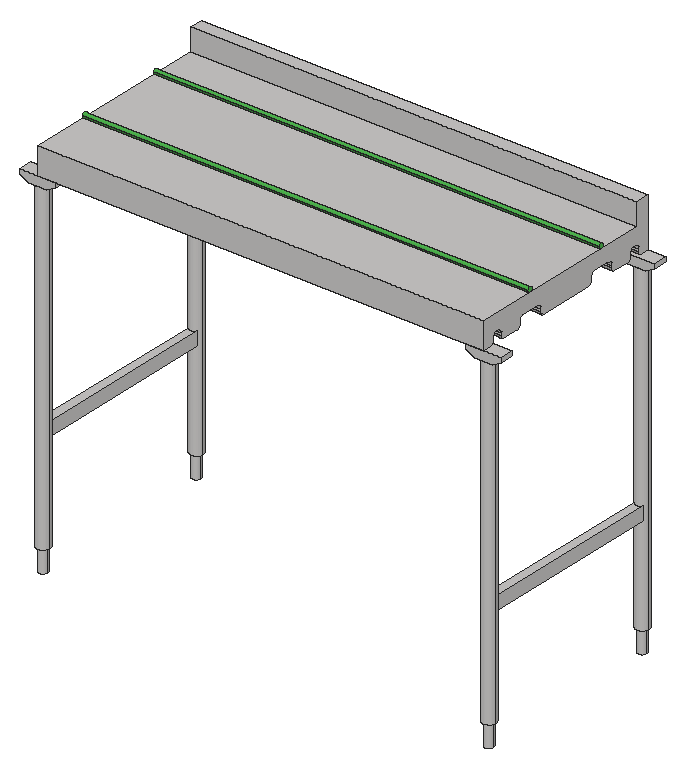
Revit family "QF_ELECTROLUXPROFESSIONAL_865125_HSCCTL10", category Attrezzature speciali, Revit 2020
Family settings
  Quota connettore circolare = Usa diametro
  Tipo di parte = Normale
  Basato su piano di lavoro = No
  Sempre verticale = Sì
  Taglio con vuoti quando caricato = No
  Condiviso = No
  Punto di calcolo locali = No
Parameters (values of type "Standard")
  Weight = 13.00 kg
  Watts = 0 W
  Volts = 0 V
  URL Manufacturer = "https://www.electroluxprofessional.com/"
  URL = "https://www.electroluxprofessional.com/"
  Steam Supply Size = 0 mm
  Steam Supply Minimum Pressure = 0.0 Pa
  Steam Supply Maximum Pressure = 0.0 Pa
  Steam Consumption per Hour = 0
  Show Clearance [instance] = yes
  Refrigeration Suction Line Size = 0 mm
  Refrigeration Liquid Line Size = 0 mm
  Refrigerant Compressor Remote = yes
  Prospetto di default = 0 mm
  Produttore = "Electrolux Professional"
  Phase = 0
  Modello = "HSCCTL10"
  Length Actual = 1000 mm  # constant formula
  Item Number = "865125"
  Hot Water Size = 0 mm
  Height Actual = 110 mm  # constant formula
  HP = "0 HP"
  Gas Size = 0 mm
  Gas KW = 0
  Gas Input Pressure = 0 W
  Direct Waste Size = 0 mm
  Description = "CORD CONVEYOR FOR TRAYS, SORTING (LOW EDGE), 1000 MM "
  Depth Actual = 460 mm  # constant formula
  Cycle = 0 Hz
  Condensate Return Size = 0 mm
  Compressed Air Volume = 0.0 L/s
  Compressed Air Size = 0 mm
  Compressed Air Pressure = 0.0 Pa
  Cold Water Size = 0 mm
  Accessory = yes
Reference planes
  plane 1 "Center (Front/Back)": y = 0
  plane 2: z = 0
  plane 3 "FRONT": y = -460
  plane 4 "LEFT": x = -126
  plane 5 "RIGHT": x = 874
  plane 6: z = 800.5
  plane 7: x = 374
  plane 8: y = -230
  plane 9: z = 910.5
  plane 10: y = -130
  plane 11: y = -330
  plane 12: x = -126
  plane 13: z = 270.5
Forms (mm)
  Extrusion 1, solid, material "QF_Finishes_Stainless Steel"
    sketch origin (0, 0, 800.5) x (0, 1, 0) y (0, 0, 1)
      loop
        line (0, 110) -> (-30, 110) -> (-30, 60) -> (-460, 60) -> (-460, 0) -> (-442, 0)
        arc (-442, 0) -> (-437.05, 2.05) -> (-435, 7) r 7
        line (-435, 7) -> (-435, 12.5)
        arc (-435, 12.5) -> (-431.339, 21.339) -> (-422.5, 25) r 12.5
        arc (-422.5, 25) -> (-413.661, 21.339) -> (-410, 12.5) r 12.5
        line (-410, 12.5) -> (-410, 7)
        arc (-410, 7) -> (-407.95, 2.05) -> (-403, 0) r 7
        line (-403, 0) -> (-367, 0)
        arc (-367, 0) -> (-362.05, 2.05) -> (-360, 7) r 7
        line (-360, 7) -> (-360, 12.5)
        arc (-360, 12.5) -> (-356.339, 21.339) -> (-347.5, 25) r 12.5
        line (-347.5, 25) -> (-312.5, 25)
        arc (-312.5, 25) -> (-303.661, 21.339) -> (-300, 12.5) r 12.5
        line (-300, 12.5) -> (-300, 6.708)
        arc (-300, 6.708) -> (-298.612, 2.525) -> (-295, 0) r 7
        line (-295, 0) -> (-167, 0)
        arc (-167, 0) -> (-162.05, 2.05) -> (-160, 7) r 7
        line (-160, 7) -> (-160, 12.5)
        arc (-160, 12.5) -> (-156.339, 21.339) -> (-147.5, 25) r 12.5
        line (-147.5, 25) -> (-112.5, 25)
        arc (-112.5, 25) -> (-103.661, 21.339) -> (-100, 12.5) r 12.5
        line (-100, 12.5) -> (-100, 7)
        arc (-100, 7) -> (-97.95, 2.05) -> (-93, 0) r 7
        line (-93, 0) -> (-57, 0)
        arc (-57, 0) -> (-52.05, 2.05) -> (-50, 7) r 7
        line (-50, 7) -> (-50, 12.5)
        arc (-50, 12.5) -> (-46.339, 21.339) -> (-37.5, 25) r 12.5
        arc (-37.5, 25) -> (-28.661, 21.339) -> (-25, 12.5) r 12.5
        line (-25, 12.5) -> (-25, 7)
        arc (-25, 7) -> (-22.95, 2.05) -> (-18, 0) r 7
        line (-18, 0) -> (0, 0) -> (0, 110)
    from -126 to 874
  Extrusion 2, solid, material "QF_Finishes_Green"
    sketch origin (0, 100, 800.5) x (0, 1, 0) y (0, 0, 1)
      loop
        circle (-230, 65) r 5
    from -126 to 874
  Extrusion 3, solid, material "QF_Finishes_Green"
    sketch origin (0, -560, 800.5) x (0, -1, 0) y (0, 0, -1)
      loop
        circle (-230, -65) r 5
    from -126 to 874
  Extrusion 4, solid, material "QF_Finishes_Stainless Steel"
    sketch origin (0, 250, 0) x (-1, 0, 0) y (0, 0, 1)
      loop
        line (166, 800.5) -> (86, 800.5) -> (86, 790.5) -> (106, 778.953) -> (146, 778.953) -> (166, 790.5) -> (166, 800.5)
    from -710 to -680
  Revolve 5, solid, material "QF_Finishes_Stainless Steel"
    sketch origin (0, -445, 0) x (-1, 0, 0) y (0, 0, 1)
      loop
        line (126, 778.953) -> (111, 778.953) -> (111, 50.5) -> (116, 50.5) -> (116, 0) -> (126, 0) -> (126, 778.953)
      axis (126, 778.953) -> (126, 0)
    angle from 0 to 360
  Extrusion 6, solid, material "QF_Finishes_Stainless Steel"
    sketch origin (0, 680, 0) x (-1, 0, 0) y (0, 0, 1)
      loop
        line (166, 800.5) -> (86, 800.5) -> (86, 790.5) -> (106, 778.953) -> (146, 778.953) -> (166, 790.5) -> (166, 800.5)
    from -710 to -680
  Revolve 7, solid, material "QF_Finishes_Stainless Steel"
    sketch origin (0, -15, 0) x (-1, 0, 0) y (0, 0, 1)
      loop
        line (126, 778.953) -> (111, 778.953) -> (111, 50.5) -> (116, 50.5) -> (116, 0) -> (126, 0) -> (126, 778.953)
      axis (126, 778.953) -> (126, 0)
    angle from 0 to 360
  Extrusion 8, solid, material "QF_Finishes_Stainless Steel"
    sketch origin (1000, 680, 0) x (-1, 0, 0) y (0, 0, 1)
      loop
        line (166, 800.5) -> (86, 800.5) -> (86, 790.5) -> (106, 778.953) -> (146, 778.953) -> (166, 790.5) -> (166, 800.5)
    from -710 to -680
  Revolve 9, solid, material "QF_Finishes_Stainless Steel"
    sketch origin (1000, -15, 0) x (-1, 0, 0) y (0, 0, 1)
      loop
        line (126, 778.953) -> (111, 778.953) -> (111, 50.5) -> (116, 50.5) -> (116, 0) -> (126, 0) -> (126, 778.953)
      axis (126, 778.953) -> (126, 0)
    angle from 0 to 360
  Extrusion 10, solid, material "QF_Finishes_Stainless Steel"
    sketch origin (1000, 250, 0) x (-1, 0, 0) y (0, 0, 1)
      loop
        line (166, 800.5) -> (86, 800.5) -> (86, 790.5) -> (106, 778.953) -> (146, 778.953) -> (166, 790.5) -> (166, 800.5)
    from -710 to -680
  Revolve 11, solid, material "QF_Finishes_Stainless Steel"
    sketch origin (1000, -445, 0) x (-1, 0, 0) y (0, 0, 1)
      loop
        line (126, 778.953) -> (111, 778.953) -> (111, 50.5) -> (116, 50.5) -> (116, 0) -> (126, 0) -> (126, 778.953)
      axis (126, 778.953) -> (126, 0)
    angle from 0 to 360
  Extrusion 12, solid, material "QF_Finishes_Stainless Steel"
    sketch origin (1010, 0, 128.154) x (0, 1, 0) y (0, 0, 1)
      loop
        line (-20, 172.346) -> (-440, 172.346) -> (-440, 142.346) -> (-20, 142.346) -> (-20, 172.346)
    from -146 to -126
  Extrusion 13, solid, material "QF_Finishes_Stainless Steel"
    sketch origin (-262, 0, 128.154) x (0, 1, 0) y (0, 0, -1)
      loop
        line (-20, -172.346) -> (-20, -142.346) -> (-440, -142.346) -> (-440, -172.346) -> (-20, -172.346)
    from -146 to -126
Dimensions and locks
  plane 4 "LEFT" to plane 5 "RIGHT" = 1000 mm
  plane 1 "Center (Front/Back)" to plane 3 "FRONT" = 460 mm  (x2)
  plane 5 "RIGHT" to plane 4 "LEFT" = 1000 mm
  plane 9 to level = 910.5 mm  (x2)
  plane 10 to plane 11 = 200 mm
  plane 6 to plane 9 = 110 mm
  plane 9 to plane 6 = 110 mm
  plane 9 to plane 13 = 640 mm
  aligned and locked: level to plane 2
